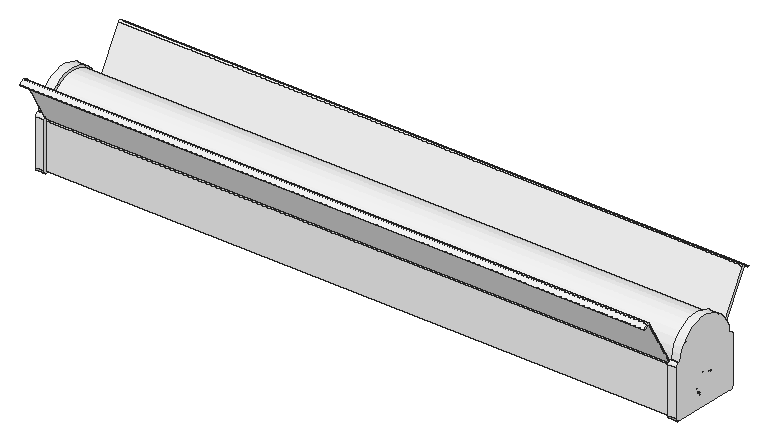
Revit family "0045183+0045231 Feilo Sylvania Lighting Fixture SYLBATTEN LED2 6000K TP3 with SYMMETRIC REFLECTOR ACCESSORY 600MM", category Lighting Fixtures, host Face, Revit 2017
Family settings
  Host = Face
  Round Connector Dimension = Use Diameter
  Part Type = Normal
  OmniClass Number = 23.80.70.00
  OmniClass Title = Lighting
  Cut with Voids When Loaded = No
  Light Source = Yes
  Shared = No
  Room Calculation Point = No
Parameters (values of type "0045183 SYLBATTEN LED2 6000K TP3")
  Width_FEILO = 66 mm
  Weight = "1.5 kg"
  Wattage Comments = "n/a"
  Wattage = 22 W
  WarrantyStartDate [instance] = "n/a"
  WarrantyGuarantorParts = "n/a"
  WarrantyDurationUnit = "n/a"
  WarrantyDurationParts = "n/a"
  WarrantyDescription = "n/a"
  built-in parameter 1150110 = 1 (stored number, unit not read)
  Voltage = 230 V
  URL = "http://www.sylvania-lighting.com"
  TypeName = "SYLBATTEN LED2 6000K TP3"
  Type Image = <None>
  Type Comments = "n/a"
  built-in parameter 1114217 = 1 (stored number, unit not read)
  Tilt Angle = -90.00°
  built-in parameter 1150109 = 1 (stored number, unit not read)
  built-in parameter 1150134 = 5
  SymReflector_FEILO = yes
  built-in parameter 1150113 = 1 (stored number, unit not read)
  SerialNumber [instance] = "n/a"
  PowerFactor = 0
  PowerConsumption = "22 W"
  Photometric Web File = "0045183+0045231.ies"
  NominalLength = 605 mm
  NominalHeight = 91 mm
  NominalDepth = 122 mm
  Name = "SYLBATTEN LED2 6000K TP3"
  ModelReference = Name  # "SYLBATTEN LED2 6000K TP3"
  ModelNumber = "0045183"
  Model = Name  # "SYLBATTEN LED2 6000K TP3"
  Material_4_FEILO = Reflector-Sylvania-Sylbatten-White
  Material_3_FEILO = Diffuser-Sylvania-Sylbatten-Glow
  Material_2_FEILO = Body-Sylvania-Sylbatten-White
  Material_1_FEILO = Body-Sylvania-Sylbatten-White
  Material = "sheet steel housing, polycarbonate diffuser"
  ManufacturerName = "Feilo Sylvania"
  Manufacturer = "Feilo Sylvania"
  LuminousEfficacy = "110.6 lm/W"
  built-in parameter 1150105 = 193.77 (stored number, unit not read)
  Lumens = 2434.96 lm
  LuminaireType = ""
  built-in parameter 1150115 = 1 (stored number, unit not read)
  LightOutputRatio = "100"
  built-in parameter 1150137 = (empty or 0)
  built-in parameter 1150139 = (empty or 0)
  Length_FEILO = 605 mm
  LampsType = Lamp  # "LED"
  LampNominalLuminous = "2435 lm"
  LampMacAdamStep = "n/a"
  LampColourTemperature = "6000 K"
  LampColourRenderingIndex = "80"
  built-in parameter 1150112 = 1 (stored number, unit not read)
  built-in parameter 1150114 = 1 (stored number, unit not read)
  Lamp = "LED"
  Keynote = "16500"
  InstallationDate [instance] = "n/a"
  InputVoltage = "220-240V~"
  InputNominalFrequency = "n/a"
  built-in parameter 1150132 = (empty or 0)
  built-in parameter 1150102 = (empty or 0)
  built-in parameter 1150107 = 6000 (stored number, unit not read)
  built-in parameter 1150138 = (empty or 0)
  IngressProtection = "IP20"
  ImpactProtectionIndex = "IK07"
  built-in parameter 1150106 = 1.9377 (stored number, unit not read)
  IfcExportType = "IfcLightFixtureType"
  IfcExportAs = "IfcLightFixtureType"
  Height_FEILO = 76 mm
  ExpectedLife = 50000
  Emit from Rectangle Width = Length_FEILO - 16 mm  # 589 mm
  Emit from Rectangle Length = Width_FEILO - 40 mm  # 26 mm
  Emit Shape Visible in Rendering = no
  ElectricShockClassification = "Class I"
  built-in parameter 1150104 = 10.283 (stored number, unit not read)
  DurationUnit = "hours"
  DocumentationLiterature = "http://www.sylvania-lighting.com/product/en-int/products/0045183"
  DimmingControlOptions = "n/a"
  Dimming Lamp Color Temperature Shift = <None>
  Description = "LED batten, T8 replacement, ease of installation through 2 part push-in design of the housing (safety cable included), through wiring capability (TP3 = 3 core), sheet steel, 2435LM, 22W, 111lm/W, 6000K, drive current: 350mA, CRI 80, 138° wide beam angle, electronic driver (non dimmable), IP20, IK07, 50,000 hrs (L70), (LxWxH) 605x66x76mm, 5 step MacAdam ellipse, 1.8kg, white RAL 9016, Class 1, 220-240V, energy class: A++, A+, A."
  Default Elevation = 1219.2 mm
  CreatedOn = "1/25/2018"
  CreatedBy = ""
  Cost = 0
  Color Filter = 16777215
  built-in parameter 1114216 [instance] = (empty or 0)
  ClassificationValue = "EF_70_80"
  ClassificationName = "Uniclass2015"
  CapOffset_FEILO = 2 mm
  BarCode [instance] = "n/a"
  built-in parameter 1114218 = 1 (stored number, unit not read)
  BackReflector_FEILO = and(not(AsymReflector_FEILO), SymReflector_FEILO)  # yes
  built-in parameter 1150133 = 10 (stored number, unit not read)
  FrontReflector_FEILO = or(AsymReflector_FEILO, SymReflector_FEILO)  # yes
  AsymReflector_FEILO = no
  AssetType = "Fixed"
  AssetIdentifier [instance] = "n/a"
  Assembly Code = "D5020200"
  Apparent Load = 22 VA
Reference planes
  plane 1 "Center (Front/Back)": y = 0
  plane 2: z = 0
  plane 3 "Center (Left/Right)": x = 0
  plane 4: x = 302.5
  plane 5: x = -302.5
  plane 6: y = 33
  plane 7: y = -33
  plane 8: z = 76
  plane 9: z = 47
  plane 10: y = -29
  plane 11: y = 29
  plane 12: z = 20
  plane 13: z = 74
  plane 14: y = -31
  plane 15: y = -27
  plane 16: y = 27
  plane 17: y = 31
  plane 18: z = 2
  plane 19: x = -294.5
  plane 20: x = 294.5
  plane 21: z = 49
  plane 22: y = 1
  plane 23: y = -1
  plane 24: z = 21
  plane 25: z = 19
  plane 26: y = -61
  plane 27: y = 61
  plane 28: y = -56
  plane 29: y = 56
  plane 30: z = 91
  plane 31: z = 88
Forms (mm)
  Extrusion 1, solid, material "Body-Sylvania-Sylbatten-White" <- "Material_2_FEILO"
    sketch origin (0, 0, 0) x (0, 1, 0) y (0, 0, 1)
      loop
        line (-31, 2) -> (31, 2) -> (31, 45)
        arc (31, 45) -> (30.414, 46.414) -> (29, 47) r 2
        line (29, 47) -> (27, 47)
        arc (27, 47) -> (0, 74) -> (-27, 47) r 27
        line (-27, 47) -> (-29, 47)
        arc (-29, 47) -> (-30.414, 46.414) -> (-31, 45) r 2
        line (-31, 45) -> (-31, 2)
    from -294.5 to 294.5
  Extrusion 2, solid, material "Body-Sylvania-Sylbatten-White" <- "Material_2_FEILO"
    sketch origin (302.5, 1524, 1219.2) x (0, 1, 0) y (0, 0, 1)
      loop
        arc (-1494, -1219.2) -> (-1491.879, -1218.321) -> (-1491, -1216.2) r 3
        line (-1491, -1216.2) -> (-1491, -1173.2)
        arc (-1491, -1173.2) -> (-1491.879, -1171.079) -> (-1494, -1170.2) r 3
        line (-1494, -1170.2) -> (-1495.069, -1170.2)
        arc (-1495.069, -1170.2) -> (-1524, -1143.2) -> (-1552.931, -1170.2) r 29
        line (-1552.931, -1170.2) -> (-1554, -1170.2)
        arc (-1554, -1170.2) -> (-1556.121, -1171.079) -> (-1557, -1173.2) r 3
        line (-1557, -1173.2) -> (-1557, -1216.2)
        arc (-1557, -1216.2) -> (-1556.121, -1218.321) -> (-1554, -1219.2) r 3
        line (-1554, -1219.2) -> (-1494, -1219.2)
      loop
        arc (-1525, -1189.25) -> (-1531.071, -1192.129) -> (-1533.95, -1198.2) r 10
        line (-1533.95, -1198.2) -> (-1532.944, -1198.2)
        arc (-1532.944, -1198.2) -> (-1530.364, -1192.836) -> (-1525, -1190.256) r 9
        line (-1525, -1190.256) -> (-1525, -1189.25)
      loop
        arc (-1523, -1190.256) -> (-1517.636, -1192.836) -> (-1515.056, -1198.2) r 9
        line (-1515.056, -1198.2) -> (-1514.05, -1198.2)
        arc (-1514.05, -1198.2) -> (-1516.929, -1192.129) -> (-1523, -1189.25) r 10
        line (-1523, -1189.25) -> (-1523, -1190.256)
      loop
        line (-1532.944, -1200.2) -> (-1533.95, -1200.2)
        arc (-1533.95, -1200.2) -> (-1531.071, -1206.271) -> (-1525, -1209.15) r 10
        line (-1525, -1209.15) -> (-1525, -1208.144)
        arc (-1525, -1208.144) -> (-1530.364, -1205.564) -> (-1532.944, -1200.2) r 9
      loop
        arc (-1515.056, -1200.2) -> (-1517.636, -1205.564) -> (-1523, -1208.144) r 9
        line (-1523, -1208.144) -> (-1523, -1209.15)
        arc (-1523, -1209.15) -> (-1516.929, -1206.271) -> (-1514.05, -1200.2) r 10
        line (-1514.05, -1200.2) -> (-1515.056, -1200.2)
    from 0 to -8
  Extrusion 3, solid, material "Body-Sylvania-Sylbatten-White" <- "Material_2_FEILO"
    sketch origin (-302.5, 1524, 1219.2) x (0, 1, 0) y (0, 0, 1)
      loop
        arc (-1495.069, -1170.2) -> (-1524, -1143.2) -> (-1552.931, -1170.2) r 29
        line (-1552.931, -1170.2) -> (-1554, -1170.2)
        arc (-1554, -1170.2) -> (-1556.121, -1171.079) -> (-1557, -1173.2) r 3
        line (-1557, -1173.2) -> (-1557, -1216.2)
        arc (-1557, -1216.2) -> (-1556.121, -1218.321) -> (-1554, -1219.2) r 3
        line (-1554, -1219.2) -> (-1494, -1219.2)
        arc (-1494, -1219.2) -> (-1491.879, -1218.321) -> (-1491, -1216.2) r 3
        line (-1491, -1216.2) -> (-1491, -1173.2)
        arc (-1491, -1173.2) -> (-1491.879, -1171.079) -> (-1494, -1170.2) r 3
        line (-1494, -1170.2) -> (-1495.069, -1170.2)
      loop
        line (-1533.95, -1198.2) -> (-1532.944, -1198.2)
        arc (-1532.944, -1198.2) -> (-1530.364, -1192.836) -> (-1525, -1190.256) r 9
        line (-1525, -1190.256) -> (-1525, -1189.25)
        arc (-1525, -1189.25) -> (-1531.071, -1192.129) -> (-1533.95, -1198.2) r 10
      loop
        line (-1523, -1189.25) -> (-1523, -1190.256)
        arc (-1523, -1190.256) -> (-1517.636, -1192.836) -> (-1515.056, -1198.2) r 9
        line (-1515.056, -1198.2) -> (-1514.05, -1198.2)
        arc (-1514.05, -1198.2) -> (-1516.929, -1192.129) -> (-1523, -1189.25) r 10
      loop
        line (-1514.05, -1200.2) -> (-1515.056, -1200.2)
        arc (-1515.056, -1200.2) -> (-1517.636, -1205.564) -> (-1523, -1208.144) r 9
        line (-1523, -1208.144) -> (-1523, -1209.15)
        arc (-1523, -1209.15) -> (-1516.929, -1206.271) -> (-1514.05, -1200.2) r 10
      loop
        line (-1525, -1209.15) -> (-1525, -1208.144)
        arc (-1525, -1208.144) -> (-1530.364, -1205.564) -> (-1532.944, -1200.2) r 9
        line (-1532.944, -1200.2) -> (-1533.95, -1200.2)
        arc (-1533.95, -1200.2) -> (-1531.071, -1206.271) -> (-1525, -1209.15) r 10
    from 0 to 8
  Extrusion 4, solid, material "Reflector-Sylvania-Sylbatten-White" <- "Material_4_FEILO", visible <- "FrontReflector_FEILO"
    sketch origin (0, 0, 0) x (0, 1, 0) y (0, 0, 1)
      loop
        line (-61.257, 88.429) -> (-60.743, 87.571) -> (-56.621, 90.044)
        arc (-56.621, 90.044) -> (-56.237, 90.099) -> (-55.929, 89.863) r 0.5
        line (-55.929, 89.863) -> (-31.435, 46.753) -> (-30.565, 47.247) -> (-55.312, 90.802)
        arc (-55.312, 90.802) -> (-55.928, 91.275) -> (-56.696, 91.165) r 1
        line (-56.696, 91.165) -> (-61.257, 88.429)
    from -294.5 to 294.5
  Extrusion 5, solid, material "Reflector-Sylvania-Sylbatten-White" <- "Material_4_FEILO", visible <- "BackReflector_FEILO"
    sketch origin (0, 0, 0) x (0, 1, 0) y (0, 0, 1)
      loop
        line (30.565, 47.247) -> (31.435, 46.753) -> (55.932, 89.868)
        arc (55.932, 89.868) -> (56.245, 90.112) -> (56.638, 90.062) r 0.518
        line (56.638, 90.062) -> (61.033, 87.565) -> (61.527, 88.435) -> (56.682, 91.188)
        arc (56.682, 91.188) -> (55.922, 91.282) -> (55.318, 90.812) r 1
        line (55.318, 90.812) -> (30.565, 47.247)
    from -294.5 to 294.5
Lines and regions (mm)
  reference lines
    curve 1: line (0, -61, 88) -> (0, -56, 91)
    curve 2: line (0, -56, 91) -> (0, -31, 47)
    curve 3: line (0, 31, 47) -> (0, 56, 91)
    curve 4: line (0, 56, 91) -> (0, 61.28, 88)
Dimensions and locks
  equal spacing: plane 5, plane 3 "Center (Left/Right)", plane 4
  equal spacing: plane 7, plane 1 "Center (Front/Back)", plane 6
  "Width_FEILO": plane 7 to plane 6
  "Length_FEILO": plane 5 to plane 4
  "Height_FEILO": plane 8 to plane 2
  locked: plane 9 to plane 8 at 29
  equal spacing: plane 10, plane 1 "Center (Front/Back)", plane 11
  locked: plane 7 to plane 10 at 4
  locked: plane 12 to plane 2 at 20
  "CapOffset_FEILO": plane 13 to plane 8
  "CapOffset_FEILO": plane 7 to plane 14
  "CapOffset_FEILO": plane 10 to plane 15
  "CapOffset_FEILO": plane 17 to plane 6
  "CapOffset_FEILO": plane 16 to plane 11
  "CapOffset_FEILO": plane 18 to plane 2
  locked: plane 14 to Extrusion 1 sketch curve at 2
  locked: Extrusion 1 sketch curve to plane 9 at 2  (x2)
  locked: plane 16 to Extrusion 1 sketch curve at 2
  equal spacing: plane 19, plane 3 "Center (Left/Right)", plane 20
  locked: plane 5 to plane 19 at 8
  "CapOffset_FEILO": plane 9 to plane 21
  locked: Extrusion 2 sketch curve to plane 2 at 47
  locked: Extrusion 1 sketch curve to plane 2 at 47
  locked: Extrusion 2 sketch curve to plane 2 at 3  (x2)
  locked: plane 7 to Extrusion 2 sketch curve at 3  (x2)
  locked: Extrusion 2 sketch curve to plane 6 at 3  (x2)
  locked: Extrusion 2 sketch curve to plane 21 at 3  (x2)
  equal spacing: plane 23, plane 1 "Center (Front/Back)", plane 22
  equal spacing: plane 25, plane 12, plane 24
  plane 30 to plane 31 to plane 2 = 3 mm locked, 88 mm locked
  plane 28 to plane 29 = 112 mm
  plane 26 to plane 27 = 122 mm
  aligned and locked: plane 2 to host face
  aligned and locked: level to host face
  aligned and locked: plane 18 to Extrusion 1 sketch curve
  aligned and locked: plane 14 to Extrusion 1 sketch curve
  aligned and locked: Extrusion 1 sketch curve to plane 9  (x2)
  aligned and locked: Extrusion 1 sketch curve to plane 17
  aligned and locked: plane 15 to Extrusion 1 sketch curve
  aligned and locked: plane 16 to Extrusion 1 sketch curve
  aligned and locked: plane 9 to Extrusion 1 sketch curve
  aligned and locked: plane 20 to Extrusion 1
  aligned and locked: level to Extrusion 2 sketch curve
  aligned and locked: Extrusion 2 sketch curve to plane 7
  aligned and locked: plane 21 to Extrusion 2 sketch curve
  aligned and locked: Extrusion 2 sketch curve to plane 21
  aligned and locked: plane 1 "Center (Front/Back)" to Extrusion 2 sketch curve  (x3)
  aligned and locked: Extrusion 2 to Extrusion 1
  aligned and locked: plane 4 to Extrusion 2
  aligned and locked: plane 12 to Extrusion 2 sketch curve  (x2)
  aligned and locked: Extrusion 2 sketch curve to plane 22
  aligned and locked: Extrusion 2 sketch curve to plane 23
  aligned and locked: Extrusion 2 sketch curve to plane 24
  aligned and locked: Extrusion 2 sketch curve to plane 25
  aligned and locked: plane 25 to Extrusion 2 sketch curve
  aligned and locked: plane 22 to Extrusion 2 sketch curve
  aligned and locked: plane 24 to Extrusion 2 sketch curve
  aligned and locked: plane 23 to Extrusion 2 sketch curve  (x2)
  aligned and locked: Extrusion 3 sketch curve to Extrusion 2  (x22)
  aligned and locked: Extrusion 3 to Extrusion 1
  aligned and locked: Extrusion 3 to plane 5
  aligned and locked: plane 19 to Extrusion 3
  aligned and locked: plane 31 to curve 1
  aligned and locked: plane 30 to curve 1
  aligned and locked: plane 14 to curve 2
  aligned and locked: plane 9 to curve 2
  aligned and locked: plane 17 to curve 3
  aligned and locked: plane 30 to curve 3
  aligned and locked: plane 31 to curve 4
  aligned and locked: Extrusion 4 sketch curve to curve 2
  aligned and locked: Extrusion 4 sketch curve to curve 1
  aligned and locked: Extrusion 4 to Extrusion 1
  aligned and locked: Extrusion 1 to Extrusion 4
  aligned and locked: imposter light to plane 1 "Center (Front/Back)"
  aligned and locked: imposter light to plane 3 "Center (Left/Right)"
  aligned and locked: imposter light to plane 13
  aligned and locked: Extrusion 5 sketch curve to curve 4
  aligned and locked: Extrusion 5 sketch curve to curve 3
  aligned and locked: Extrusion 1 to Extrusion 5
  aligned and locked: Extrusion 5 to Extrusion 1
Automatic sketch dimensions
  host sketch curve to host sketch curve = 2438.4 mm  (x2)
  Extrusion 2 sketch curve to Extrusion 2 sketch curve = 0 mm  (x14)
  Extrusion 2 sketch curve to plane 10 = 0.069 mm
  plane 23 to Extrusion 2 sketch curve = 8.95 mm
  Extrusion 2 sketch curve to Extrusion 2 sketch curve = 1.006 mm  (x4)
  Extrusion 2 sketch curve to plane 22 = 7.944 mm
  curve 1 to plane 26 = 0 mm
  curve 2 to plane 28 = 0 mm
  curve 4 to plane 29 = 0 mm
  plane 9 to curve 3 = 0 mm
  plane 26 to Extrusion 4 sketch curve = 0.257 mm
  Extrusion 4 sketch curve to plane 26 = 0.257 mm
  Extrusion 4 sketch curve to plane 30 = 0.165 mm
  plane 28 to Extrusion 4 sketch curve = 0.696 mm
  plane 28 to Extrusion 4 sketch curve = 0.621 mm
  plane 28 to Extrusion 4 sketch curve = 0.364 mm
  plane 28 to Extrusion 4 sketch curve = 0.182 mm
  Extrusion 4 sketch curve to plane 28 = 0.071 mm
  plane 30 to Extrusion 4 sketch curve = 0.198 mm
  Extrusion 4 sketch curve to plane 28 = 0.688 mm
  plane 9 to Extrusion 4 sketch curve = 0.247 mm
  plane 1 "Center (Front/Back)" to Extrusion 4 sketch curve = 31.435 mm
  Extrusion 5 sketch curve to plane 9 = 0.247 mm
  Extrusion 5 sketch curve to plane 1 "Center (Front/Back)" = 30.565 mm
  plane 9 to Extrusion 5 sketch curve = 0.247 mm
  plane 30 to Extrusion 5 sketch curve = 0.188 mm
  plane 29 to Extrusion 5 sketch curve = 0.068 mm
  Extrusion 5 sketch curve to plane 29 = 0.188 mm
  Extrusion 5 sketch curve to plane 29 = 0.382 mm
  Extrusion 5 sketch curve to Extrusion 5 sketch curve = 0.256 mm
  Extrusion 5 sketch curve to plane 30 = 0.188 mm
  Extrusion 5 sketch curve to plane 29 = 0.682 mm
  Extrusion 5 sketch curve to plane 27 = 0.033 mm
  Extrusion 5 sketch curve to plane 27 = 0.527 mm
Connectors
  electrical at (0, 0, 0), driven by "Apparent Load", driven by "PowerFactor", driven by "Voltage"
    settings: index 1, voltage 230 V, apparent load 22 VA, apparent load phase1 0 VA, apparent load phase2 0 VA, apparent load phase3 0 VA, power factor 0, load classification "Lighting", number of poles 1, system type 30, power factor state 1, is connector primary yes, connector utility no, sub classification motor no, connector description ""
